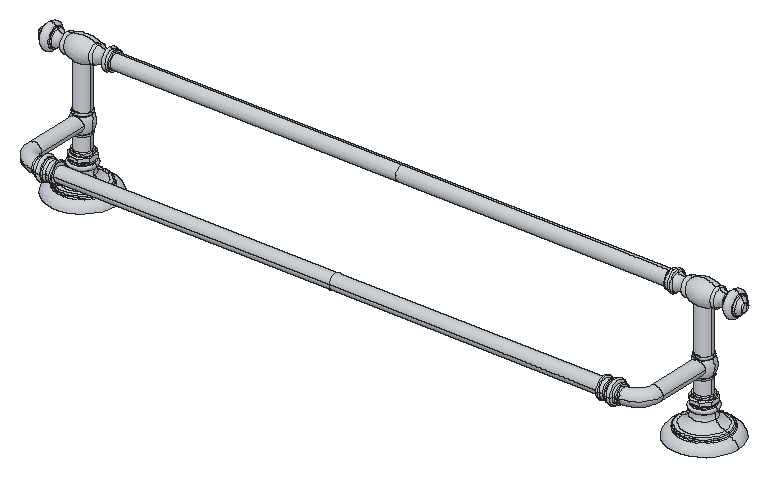
Revit family "Accessory-Towel_Bar-KOHLER-Artifacts-K-72570", category Specialty Equipment, host Face, Revit 2015
Parameters (values of type "CP-Polished Chrome")
  Width = 5"  # constant formula
  URL = "https://www.us.kohler.com/us/"
  Type = 1
  Product Page URL = "http://www.us.kohler.com/us/catalog/productDetails.jsp?productNumber=72570"
  Product Name = "Artifacts"  # constant formula
  Product Documentation Link = "http://www.us.kohler.com/onlinecatalog/pdf/K-72570_spec.pdf"
  Model = if(Type = 1, "K-72570-CP", if(Type = 2, "K-72570-SN", if(Type = 3, "K-72570-BN", if(Type = 4, "K-72570-BV", if(Type = 5, "K-72570-2BZ", if(Type = 6, "K-72570-VNT", "NA"))))))  # "K-72570-CP"
  Material = "Premium Metal Construction"  # constant formula
  MasterFormat 2004 = "10.28.13"  # constant formula
  MasterFormat 1995 = "10820"  # constant formula
  Manufacturer Address = "444 Highland Dr, Kohler, WI 53044"  # constant formula
  Manufacturer = "KOHLER Co."  # constant formula
  Length = 24"  # constant formula
  Height = 3"  # constant formula
  Finish = Kohler-Metal-CP-Polished_Chrome
  Environmental Product Declaration = ""
  Description = "24 inch double towel bar"  # constant formula
  Default Elevation = 42"
  Declare Label = ""
  Date Modified = "10/12/2018"  # constant formula
  Date Created = "10/12/2018"  # constant formula
  Copyright = "Copyright KOHLER Co."  # constant formula
  Contact Us = "https://www.us.kohler.com/us/static/contact.jsp"
  Assembly Code = "C1030200"
  ADA Compliant = 1 = 0  # no
Reference planes (in)
  plane 1 "Center (Front/Back)": y = 0
  plane 2: z = 0
  plane 3 "Center (Left/Right)": x = 0
  plane 4: x = 12
  plane 5: x = -12
  plane 6: z = 5
  plane 7: y = -3
Dimensions and locks (in)
  "Width": plane 6 to plane 2
  equal spacing: plane 5, plane 3 "Center (Left/Right)", plane 4
  "Length": plane 5 to plane 4
  "Height": plane 7 to plane 1 "Center (Front/Back)"
  aligned and locked: plane 2 to host face
  aligned and locked: level to host face
  aligned and locked: plane 4 to nested 1
  aligned and locked: plane 5 to nested 1
Automatic sketch dimensions
  host sketch curve to host sketch curve = 96"  (x2)
Nested families (in)
  nested 1: "K-72570" at (0, 0, 0), type "K-72570"
Definition of nested family "K-72570"
  Parameters (values of type "K-72570")
    Towel Length = 24"
    Material = none
  Reference planes (in)
    plane 1 "Center (Front/Back)": y = 0
    plane 2: z = 0
    plane 3 "Center (Left/Right)": x = 0
    plane 4 "C": y = -3
    plane 5 "X": z = 5
    plane 6: y = -1.3125
    plane 7: y = 1.3125
    plane 8 "D": z = 2.50031
    plane 9: x = -12
    plane 10: x = 12
    plane 11: x = -13.59801
    plane 12: x = 13.59801
    plane 13: x = -10.73039
    plane 14: x = 10.73039
    plane 15: x = -11.25
    plane 16: x = 11.25
    plane 17: x = -11.25
    plane 18: x = 11.25
  Forms (in)
    Revolve 1, solid, material <- "Material", detail levels medium+fine
      sketch origin (0, 0, 0) x (1, 0, 0) y (0, 0, 1)
        loop
          line (-12, 0) -> (-12, 5) -> (-12.30054, 5) -> (-12.30054, 2.91681)
          arc (-12.30054, 2.91681) -> (-12.30566, 2.90096) -> (-12.31907, 2.89107) r 0.02714
          arc (-12.31907, 2.89107) -> (-12.34405, 2.86549) -> (-12.33781, 2.83029) r 0.03913
          arc (-12.33781, 2.83029) -> (-12.33178, 2.81478) -> (-12.3349, 2.79843) r 0.03017
          arc (-12.3349, 2.79843) -> (-12.40673, 2.4976) -> (-12.33559, 2.1966) r 0.6691
          arc (-12.33559, 2.1966) -> (-12.33199, 2.17708) -> (-12.33942, 2.15867) r 0.03555
          arc (-12.33942, 2.15867) -> (-12.33958, 2.11846) -> (-12.30061, 2.10854) r 0.03268
          line (-12.30061, 2.10854) -> (-12.30061, 1.55443) -> (-12.34073, 1.55443)
          arc (-12.34073, 1.55443) -> (-12.36203, 1.5456) -> (-12.37086, 1.5243) r 0.03012
          line (-12.37086, 1.5243) -> (-12.37086, 1.45674)
          arc (-12.37086, 1.45674) -> (-12.3756, 1.44018) -> (-12.38841, 1.42865) r 0.03125
          line (-12.38841, 1.42865) -> (-12.5736, 1.33832) -> (-12.41469, 1.24658)
          arc (-12.41469, 1.24658) -> (-12.39939, 1.23456) -> (-12.39361, 1.216) r 0.03272
          line (-12.39361, 1.216) -> (-12.39361, 1.17497)
          arc (-12.39361, 1.17497) -> (-12.40764, 1.14419) -> (-12.44009, 1.13463) r 0.04071
          arc (-12.44009, 1.13463) -> (-12.50575, 1.09225) -> (-12.47301, 1.0213) r 0.0596
          arc (-12.47301, 1.0213) -> (-12.45981, 1.01189) -> (-12.45121, 0.99817) r 0.04163
          arc (-12.45121, 0.99817) -> (-12.42917, 0.87615) -> (-12.45284, 0.75444) r 0.33628
          arc (-12.45284, 0.75444) -> (-12.59186, 0.56442) -> (-12.80577, 0.46605) r 0.46836
          arc (-12.80577, 0.46605) -> (-12.86889, 0.45542) -> (-12.93222, 0.44609) r 3.12727
          arc (-12.93222, 0.44609) -> (-12.95534, 0.43362) -> (-12.96457, 0.40902) r 0.03742
          line (-12.96457, 0.40902) -> (-12.96457, 0.35603)
          arc (-12.96457, 0.35603) -> (-12.97435, 0.33036) -> (-12.99874, 0.31772) r 0.03856
          arc (-12.99874, 0.31772) -> (-13.2116, 0.21414) -> (-13.3125, 0) r 0.35612
          line (-13.3125, 0) -> (-12, 0)
        axis (-12, 0) -> (-12, 5)
      angle from 0 to 360
    Extrusion 2, void
      sketch origin (0, 0, 0) x (1, 0, 0) y (0, 1, 0)
        loop
          line (-12.18101, 0.43701) -> (-12.43701, 0.18101) -> (-12.43701, -0.18101) -> (-12.18101, -0.43701) -> (-11.81899, -0.43701) -> (-11.56299, -0.18101) -> (-11.56299, 0.18101) -> (-11.81899, 0.43701) -> (-12.18101, 0.43701)
        loop
          circle (-12, 0) r 0.64587
      from 1.17187 to 1.47756
    Revolve 3, solid, material <- "Material", detail levels medium+fine
      sketch origin (0, 0, 0) x (1, 0, 0) y (0, 0, 1)
        loop
          line (0.02086, 5) -> (13.59801, 5) -> (13.59801, 5.13455)
          arc (13.59801, 5.13455) -> (13.59114, 5.15289) -> (13.5739, 5.16219) r 0.02789
          arc (13.5739, 5.16219) -> (13.47592, 5.21065) -> (13.42691, 5.30836) r 0.17207
          arc (13.42691, 5.30836) -> (13.41392, 5.3304) -> (13.38918, 5.33692) r 0.03361
          arc (13.38918, 5.33692) -> (13.36469, 5.34283) -> (13.35055, 5.36367) r 0.03492
          arc (13.35055, 5.36367) -> (13.19896, 5.48245) -> (13.05089, 5.35932) r 0.15329
          arc (13.05089, 5.35932) -> (13.04141, 5.34355) -> (13.02408, 5.33736) r 0.02734
          line (13.02408, 5.33736) -> (12.99276, 5.33736)
          arc (12.99276, 5.33736) -> (12.97752, 5.3332) -> (12.96649, 5.32189) r 0.03003
          arc (12.96649, 5.32189) -> (12.7935, 5.21982) -> (12.62019, 5.32135) r 0.19816
          arc (12.62019, 5.32135) -> (12.55651, 5.35736) -> (12.49528, 5.31734) r 0.07034
          arc (12.49528, 5.31734) -> (11.99997, 5.46099) -> (11.50456, 5.31766) r 0.92678
          arc (11.50456, 5.31766) -> (11.45191, 5.35658) -> (11.39, 5.33527) r 0.07034
          arc (11.39, 5.33527) -> (11.19582, 5.24824) -> (10.99722, 5.32464) r 0.27696
          arc (10.99722, 5.32464) -> (10.98954, 5.35521) -> (10.9718, 5.38126) r 0.08996
          arc (10.9718, 5.38126) -> (10.91709, 5.39457) -> (10.88108, 5.35128) r 0.05318
          line (10.88108, 5.35128) -> (10.76001, 5.35128)
          arc (10.76001, 5.35128) -> (10.73907, 5.34261) -> (10.73039, 5.32166) r 0.02962
          line (10.73039, 5.32166) -> (10.73039, 5.2757) -> (0.31774, 5.2757) -> (-10.73039, 5.2757) -> (-10.73039, 5.32166)
          arc (-10.73039, 5.32166) -> (-10.73907, 5.34261) -> (-10.76001, 5.35128) r 0.02962
          line (-10.76001, 5.35128) -> (-10.88108, 5.35128)
          arc (-10.88108, 5.35128) -> (-10.91709, 5.39457) -> (-10.9718, 5.38126) r 0.05318
          arc (-10.9718, 5.38126) -> (-10.98954, 5.35521) -> (-10.99722, 5.32464) r 0.08996
          arc (-10.99722, 5.32464) -> (-11.19582, 5.24824) -> (-11.39, 5.33527) r 0.27696
          arc (-11.39, 5.33527) -> (-11.45191, 5.35658) -> (-11.50456, 5.31766) r 0.07034
          arc (-11.50456, 5.31766) -> (-11.99997, 5.46099) -> (-12.49528, 5.31734) r 0.92678
          arc (-12.49528, 5.31734) -> (-12.55651, 5.35736) -> (-12.62019, 5.32135) r 0.07034
          arc (-12.62019, 5.32135) -> (-12.7935, 5.21982) -> (-12.96649, 5.32189) r 0.19816
          arc (-12.96649, 5.32189) -> (-12.97752, 5.3332) -> (-12.99276, 5.33736) r 0.03003
          line (-12.99276, 5.33736) -> (-13.02444, 5.33736)
          arc (-13.02444, 5.33736) -> (-13.04151, 5.34347) -> (-13.05083, 5.35902) r 0.0269
          arc (-13.05083, 5.35902) -> (-13.19881, 5.48244) -> (-13.35055, 5.36367) r 0.15329
          arc (-13.35055, 5.36367) -> (-13.36469, 5.34283) -> (-13.38918, 5.33692) r 0.03492
          arc (-13.38918, 5.33692) -> (-13.41392, 5.3304) -> (-13.42691, 5.30836) r 0.03361
          arc (-13.42691, 5.30836) -> (-13.47592, 5.21065) -> (-13.5739, 5.16219) r 0.17207
          arc (-13.5739, 5.16219) -> (-13.59114, 5.15289) -> (-13.59801, 5.13455) r 0.02789
          line (-13.59801, 5.13455) -> (-13.59801, 5) -> (0.02086, 5)
        axis (-13.59801, 5) -> (13.59801, 5)
      angle from 0 to 360
    Revolve 4, solid, material <- "Material", detail levels medium+fine
      sketch origin (0, 0, 0) x (-1, 0, 0) y (0, 0, 1)
        loop
          line (-12, 0) -> (-12, 5) -> (-12.30054, 5) -> (-12.30054, 2.91681)
          arc (-12.30054, 2.91681) -> (-12.30566, 2.90096) -> (-12.31907, 2.89107) r 0.02714
          arc (-12.31907, 2.89107) -> (-12.34405, 2.86549) -> (-12.33781, 2.83029) r 0.03913
          arc (-12.33781, 2.83029) -> (-12.33178, 2.81478) -> (-12.3349, 2.79843) r 0.03017
          arc (-12.3349, 2.79843) -> (-12.40673, 2.4976) -> (-12.33559, 2.1966) r 0.6691
          arc (-12.33559, 2.1966) -> (-12.33199, 2.17708) -> (-12.33942, 2.15867) r 0.03555
          arc (-12.33942, 2.15867) -> (-12.33958, 2.11846) -> (-12.30061, 2.10854) r 0.03268
          line (-12.30061, 2.10854) -> (-12.30061, 1.55443) -> (-12.34073, 1.55443)
          arc (-12.34073, 1.55443) -> (-12.36203, 1.5456) -> (-12.37086, 1.5243) r 0.03012
          line (-12.37086, 1.5243) -> (-12.37086, 1.45674)
          arc (-12.37086, 1.45674) -> (-12.3756, 1.44018) -> (-12.38841, 1.42865) r 0.03125
          line (-12.38841, 1.42865) -> (-12.5736, 1.33832) -> (-12.41469, 1.24658)
          arc (-12.41469, 1.24658) -> (-12.39939, 1.23456) -> (-12.39361, 1.216) r 0.03272
          line (-12.39361, 1.216) -> (-12.39361, 1.17497)
          arc (-12.39361, 1.17497) -> (-12.40764, 1.14419) -> (-12.44009, 1.13463) r 0.04071
          arc (-12.44009, 1.13463) -> (-12.50575, 1.09225) -> (-12.47301, 1.0213) r 0.0596
          arc (-12.47301, 1.0213) -> (-12.45981, 1.01189) -> (-12.45121, 0.99817) r 0.04163
          arc (-12.45121, 0.99817) -> (-12.42917, 0.87615) -> (-12.45284, 0.75444) r 0.33628
          arc (-12.45284, 0.75444) -> (-12.59186, 0.56442) -> (-12.80577, 0.46605) r 0.46836
          arc (-12.80577, 0.46605) -> (-12.86889, 0.45542) -> (-12.93222, 0.44609) r 3.12727
          arc (-12.93222, 0.44609) -> (-12.95534, 0.43362) -> (-12.96457, 0.40902) r 0.03742
          line (-12.96457, 0.40902) -> (-12.96457, 0.35603)
          arc (-12.96457, 0.35603) -> (-12.97435, 0.33036) -> (-12.99874, 0.31772) r 0.03856
          arc (-12.99874, 0.31772) -> (-13.2116, 0.21414) -> (-13.3125, 0) r 0.35612
          line (-13.3125, 0) -> (-12, 0)
        axis (-12, 0) -> (-12, 5)
      angle from 0 to 360
    Extrusion 5, void
      sketch origin (0, 0, 0) x (-1, 0, 0) y (0, -1, 0)
        loop
          line (-12.18101, -0.43701) -> (-11.81899, -0.43701) -> (-11.56299, -0.18101) -> (-11.56299, 0.18101) -> (-11.81899, 0.43701) -> (-12.18101, 0.43701) -> (-12.43701, 0.18101) -> (-12.43701, -0.18101) -> (-12.18101, -0.43701)
        loop
          circle (-12, 0) r 0.64587
      from 1.17187 to 1.47756
    Revolve 6, solid, material <- "Material", detail levels medium+fine
      sketch origin (0, 0, 2.50031) x (-1, 0, 0) y (0, -1, 0)
        loop
          line (11.25, 3) -> (-11.25, 3) -> (-11.25, 2.68987)
          arc (-11.25, 2.68987) -> (-11.24131, 2.66889) -> (-11.22033, 2.6602) r 0.02967
          line (-11.22033, 2.6602) -> (-11.10199, 2.6602)
          arc (-11.10199, 2.6602) -> (-11.09625, 2.62222) -> (-11.07955, 2.58762) r 0.1286
          arc (-11.07955, 2.58762) -> (-11.01405, 2.5564) -> (-10.9545, 2.59785) r 0.07221
          line (-10.9545, 2.59785) -> (-10.89809, 2.59785)
          arc (-10.89809, 2.59785) -> (-10.88271, 2.60116) -> (-10.87006, 2.6105) r 0.03737
          arc (-10.87006, 2.6105) -> (-10.82367, 2.64633) -> (-10.76727, 2.66232) r 0.1547
          arc (-10.76727, 2.66232) -> (-10.6876, 2.66268) -> (-10.60892, 2.65012) r 0.49036
          arc (-10.60892, 2.65012) -> (-10.60092, 2.63306) -> (-10.59108, 2.61699) r 0.17145
          arc (-10.59108, 2.61699) -> (-10.55962, 2.60129) -> (-10.52955, 2.61953) r 0.0364
          arc (-10.52955, 2.61953) -> (-10.52276, 2.63521) -> (-10.51964, 2.65202) r 0.07601
          line (-10.51964, 2.65202) -> (-10.51964, 2.72432) -> (-0.15272, 2.72432) -> (10.51964, 2.72432) -> (10.51964, 2.65202)
          arc (10.51964, 2.65202) -> (10.52276, 2.63521) -> (10.52955, 2.61953) r 0.07601
          arc (10.52955, 2.61953) -> (10.55962, 2.60129) -> (10.59108, 2.61699) r 0.0364
          arc (10.59108, 2.61699) -> (10.60092, 2.63306) -> (10.60892, 2.65012) r 0.17145
          arc (10.60892, 2.65012) -> (10.6876, 2.66268) -> (10.76727, 2.66232) r 0.49036
          arc (10.76727, 2.66232) -> (10.82367, 2.64633) -> (10.87006, 2.6105) r 0.1547
          arc (10.87006, 2.6105) -> (10.88271, 2.60116) -> (10.89809, 2.59785) r 0.03737
          line (10.89809, 2.59785) -> (10.9545, 2.59785)
          arc (10.9545, 2.59785) -> (11.01405, 2.5564) -> (11.07955, 2.58762) r 0.07221
          arc (11.07955, 2.58762) -> (11.09625, 2.62222) -> (11.10199, 2.6602) r 0.1286
          line (11.10199, 2.6602) -> (11.22033, 2.6602)
          arc (11.22033, 2.6602) -> (11.24131, 2.66889) -> (11.25, 2.68987) r 0.02967
          line (11.25, 2.68987) -> (11.25, 3)
        axis (11.25, 3) -> (-11.25, 3)
      angle from 0 to 360
    Sweep 7, solid, material <- "Material", detail levels medium+fine
      path origin (0, 0, 2.50031) x (-1, 0, 0) y (0, -1, 0)
        loop
          line (11.25, 3) -> (11.34061, 3)
          arc (11.34061, 3) -> (11.80687, 2.80687) -> (12, 2.34061) r 0.65939
          line (12, 2.34061) -> (12, 0)
      profile origin (-11.2953, -3, 2.50031) x (0, -1, 0) y (0, 0, 1)
        loop
          circle (0, 0) r 0.27734
    Sweep 8, solid, material <- "Material", detail levels medium+fine
      path origin (0, 0, 2.50031) x (1, 0, 0) y (0, -1, 0)
        loop
          line (11.25, 3) -> (11.34061, 3)
          arc (11.34061, 3) -> (11.80687, 2.80687) -> (12, 2.34061) r 0.65939
          line (12, 2.34061) -> (12, 0)
      profile origin (11.2953, -3, 2.50031) x (0, 1, 0) y (0, 0, 1)
        loop
          circle (0, 0) r 0.27734
    Revolve 9, solid, material <- "Material", detail levels coarse
      sketch origin (0, 0, 0) x (1, 0, 0) y (0, 0, 1)
        loop
          line (-12, 0) -> (-12, 5) -> (-12.30054, 5) -> (-12.30054, 3.11449) -> (-13.3125, 0) -> (-12, 0)
        axis (-12, 0) -> (-12, 5)
      angle from 0 to 360
    Revolve 10, solid, material <- "Material", detail levels coarse
      sketch origin (0, 0, 0) x (-1, 0, 0) y (0, 0, 1)
        loop
          line (-12, 0) -> (-12, 5) -> (-12.30054, 5) -> (-12.30054, 3.11449) -> (-13.3125, 0) -> (-12, 0)
        axis (-12, 0) -> (-12, 5)
      angle from 0 to 360
    Extrusion 11, solid, material <- "Material", detail levels coarse
      sketch origin (0, 0, 2.50031) x (-1, 0, 0) y (0, -1, 0)
        loop
          line (13.59801, -0.48116) -> (13.59801, 0.48116) -> (0, 0.48116) -> (-13.59801, 0.48116) -> (-13.59801, -0.48116) -> (13.59801, -0.48116)
      from 1.9856 to 3.0268
    Extrusion 12, solid, material <- "Material", detail levels coarse
      sketch origin (0, 0, 2.50031) x (-1, 0, 0) y (0, -1, 0)
        loop
          line (12.29657, 0) -> (12.29657, 3.4436) -> (-12.29657, 3.4436) -> (-12.29657, 0) -> (-11.69418, 0) -> (-11.69418, 2.5564) -> (11.69511, 2.5564) -> (11.69511, 0) -> (12.29657, 0)
      from -0.48082 to 0.48169
  Cuts and joins
    Extrusion 2, Extrusion 5 cuts Revolve 1
    Extrusion 5 cuts Revolve 4
    joined: Revolve 1, Revolve 3, Revolve 4, Revolve 6, Sweep 7, Sweep 8
    joined: Revolve 9, Revolve 10, Extrusion 11, Extrusion 12
  Lines and regions (in)
    Masking region 1
      outline origin (0, 0, 0) x (1, 0, 0) y (0, 0, 1)
        loop
          line (-12, 0) -> (-10.6875, 0)
          arc (-10.6875, 0) -> (-10.7884, 0.21414) -> (-11.00126, 0.31772) r 0.35612
          arc (-11.00126, 0.31772) -> (-11.02565, 0.33036) -> (-11.03543, 0.35603) r 0.03856
          line (-11.03543, 0.35603) -> (-11.03543, 0.40902)
          arc (-11.03543, 0.40902) -> (-11.04466, 0.43362) -> (-11.06778, 0.44609) r 0.03742
          arc (-11.06778, 0.44609) -> (-11.13111, 0.45542) -> (-11.19423, 0.46605) r 3.12727
          arc (-11.19423, 0.46605) -> (-11.40814, 0.56442) -> (-11.54716, 0.75444) r 0.46836
          arc (-11.54716, 0.75444) -> (-11.57083, 0.87615) -> (-11.54879, 0.99817) r 0.33628
          arc (-11.54879, 0.99817) -> (-11.54019, 1.01189) -> (-11.52699, 1.0213) r 0.04163
          arc (-11.52699, 1.0213) -> (-11.49425, 1.09225) -> (-11.55991, 1.13463) r 0.0596
          arc (-11.55991, 1.13463) -> (-11.59236, 1.14419) -> (-11.60639, 1.17497) r 0.04071
          line (-11.60639, 1.17497) -> (-11.60639, 1.21607) -> (-11.56299, 1.25946) -> (-11.56299, 1.40495) -> (-11.61159, 1.42865)
          arc (-11.61159, 1.42865) -> (-11.6244, 1.44018) -> (-11.62914, 1.45674) r 0.03125
          line (-11.62914, 1.45674) -> (-11.62914, 1.5243)
          arc (-11.62914, 1.5243) -> (-11.63797, 1.5456) -> (-11.65927, 1.55443) r 0.03012
          line (-11.65927, 1.55443) -> (-11.69939, 1.55443) -> (-11.69939, 2.10854)
          arc (-11.69939, 2.10854) -> (-11.66042, 2.11846) -> (-11.66058, 2.15867) r 0.03268
          arc (-11.66058, 2.15867) -> (-11.66801, 2.17708) -> (-11.66441, 2.1966) r 0.03555
          arc (-11.66441, 2.1966) -> (-11.65677, 2.21018) -> (-11.64787, 2.22297) r 0.16458
          line (-11.64787, 2.22297) -> (-11.25, 2.22297) -> (-11.25, 2.19019)
          arc (-11.25, 2.19019) -> (-11.24131, 2.16921) -> (-11.22033, 2.16052) r 0.02967
          line (-11.22033, 2.16052) -> (-11.10199, 2.16052)
          arc (-11.10199, 2.16052) -> (-11.09625, 2.12253) -> (-11.07955, 2.08793) r 0.1286
          arc (-11.07955, 2.08793) -> (-11.01405, 2.05672) -> (-10.9545, 2.09817) r 0.07221
          line (-10.9545, 2.09817) -> (-10.89809, 2.09817)
          arc (-10.89809, 2.09817) -> (-10.88271, 2.10148) -> (-10.87006, 2.11082) r 0.03737
          arc (-10.87006, 2.11082) -> (-10.82367, 2.14665) -> (-10.76727, 2.16264) r 0.1547
          arc (-10.76727, 2.16264) -> (-10.6876, 2.16299) -> (-10.60892, 2.15043) r 0.49036
          arc (-10.60892, 2.15043) -> (-10.60092, 2.13338) -> (-10.59108, 2.1173) r 0.17145
          arc (-10.59108, 2.1173) -> (-10.55962, 2.1016) -> (-10.52955, 2.11984) r 0.0364
          arc (-10.52955, 2.11984) -> (-10.52276, 2.13553) -> (-10.51964, 2.15234) r 0.07601
          line (-10.51964, 2.15234) -> (-10.51964, 2.22464) -> (0.15272, 2.22464) -> (10.51964, 2.22464) -> (10.51964, 2.15234)
          arc (10.51964, 2.15234) -> (10.52276, 2.13553) -> (10.52955, 2.11984) r 0.07601
          arc (10.52955, 2.11984) -> (10.55962, 2.1016) -> (10.59108, 2.1173) r 0.0364
          arc (10.59108, 2.1173) -> (10.60092, 2.13338) -> (10.60892, 2.15043) r 0.17145
          arc (10.60892, 2.15043) -> (10.6876, 2.16299) -> (10.76727, 2.16264) r 0.49036
          arc (10.76727, 2.16264) -> (10.82367, 2.14665) -> (10.87006, 2.11082) r 0.1547
          arc (10.87006, 2.11082) -> (10.88271, 2.10148) -> (10.89809, 2.09817) r 0.03737
          line (10.89809, 2.09817) -> (10.9545, 2.09817)
          arc (10.9545, 2.09817) -> (11.01405, 2.05672) -> (11.07955, 2.08793) r 0.07221
          arc (11.07955, 2.08793) -> (11.09625, 2.12253) -> (11.10199, 2.16052) r 0.1286
          line (11.10199, 2.16052) -> (11.22033, 2.16052)
          arc (11.22033, 2.16052) -> (11.24131, 2.16921) -> (11.25, 2.19019) r 0.02967
          line (11.25, 2.19019) -> (11.25, 2.22297) -> (11.64787, 2.22297)
          arc (11.64787, 2.22297) -> (11.65677, 2.21018) -> (11.66441, 2.1966) r 0.16458
          arc (11.66441, 2.1966) -> (11.66801, 2.17708) -> (11.66058, 2.15867) r 0.03555
          arc (11.66058, 2.15867) -> (11.66042, 2.11846) -> (11.69939, 2.10854) r 0.03268
          line (11.69939, 2.10854) -> (11.69939, 1.55443) -> (11.65927, 1.55443)
          arc (11.65927, 1.55443) -> (11.63797, 1.5456) -> (11.62914, 1.5243) r 0.03012
          line (11.62914, 1.5243) -> (11.62914, 1.45674)
          arc (11.62914, 1.45674) -> (11.6244, 1.44018) -> (11.61159, 1.42865) r 0.03125
          line (11.61159, 1.42865) -> (11.56299, 1.40495) -> (11.56299, 1.25946) -> (11.60639, 1.21607) -> (11.60639, 1.17497)
          arc (11.60639, 1.17497) -> (11.59236, 1.14419) -> (11.55991, 1.13463) r 0.04071
          arc (11.55991, 1.13463) -> (11.49425, 1.09225) -> (11.52699, 1.0213) r 0.0596
          arc (11.52699, 1.0213) -> (11.54019, 1.01189) -> (11.54879, 0.99817) r 0.04163
          arc (11.54879, 0.99817) -> (11.57083, 0.87615) -> (11.54716, 0.75444) r 0.33628
          arc (11.54716, 0.75444) -> (11.40814, 0.56442) -> (11.19423, 0.46605) r 0.46836
          arc (11.19423, 0.46605) -> (11.13111, 0.45542) -> (11.06778, 0.44609) r 3.12727
          arc (11.06778, 0.44609) -> (11.04466, 0.43362) -> (11.03543, 0.40902) r 0.03742
          line (11.03543, 0.40902) -> (11.03543, 0.35603)
          arc (11.03543, 0.35603) -> (11.02565, 0.33036) -> (11.00126, 0.31772) r 0.03856
          arc (11.00126, 0.31772) -> (10.7884, 0.21414) -> (10.6875, 0) r 0.35612
          line (10.6875, 0) -> (12, 0) -> (13.3125, 0)
          arc (13.3125, 0) -> (13.2116, 0.21414) -> (12.99874, 0.31772) r 0.35612
          arc (12.99874, 0.31772) -> (12.97435, 0.33036) -> (12.96457, 0.35603) r 0.03856
          line (12.96457, 0.35603) -> (12.96457, 0.40902)
          arc (12.96457, 0.40902) -> (12.95534, 0.43362) -> (12.93222, 0.44609) r 0.03742
          arc (12.93222, 0.44609) -> (12.86889, 0.45542) -> (12.80577, 0.46605) r 3.12727
          arc (12.80577, 0.46605) -> (12.59186, 0.56442) -> (12.45284, 0.75444) r 0.46836
          arc (12.45284, 0.75444) -> (12.42917, 0.87615) -> (12.45121, 0.99817) r 0.33628
          arc (12.45121, 0.99817) -> (12.45981, 1.01189) -> (12.47301, 1.0213) r 0.04163
          arc (12.47301, 1.0213) -> (12.50575, 1.09225) -> (12.44009, 1.13463) r 0.0596
          arc (12.44009, 1.13463) -> (12.40764, 1.14419) -> (12.39361, 1.17497) r 0.04071
          line (12.39361, 1.17497) -> (12.39361, 1.21607) -> (12.43701, 1.25946) -> (12.43701, 1.40495) -> (12.38841, 1.42865)
          arc (12.38841, 1.42865) -> (12.3756, 1.44018) -> (12.37086, 1.45674) r 0.03125
          line (12.37086, 1.45674) -> (12.37086, 1.5243)
          arc (12.37086, 1.5243) -> (12.36203, 1.5456) -> (12.34073, 1.55443) r 0.03012
          line (12.34073, 1.55443) -> (12.30061, 1.55443) -> (12.30061, 2.10854)
          arc (12.30061, 2.10854) -> (12.33958, 2.11846) -> (12.33942, 2.15867) r 0.03268
          arc (12.33942, 2.15867) -> (12.33199, 2.17708) -> (12.33559, 2.1966) r 0.03555
          arc (12.33559, 2.1966) -> (12.40673, 2.4976) -> (12.3349, 2.79843) r 0.6691
          arc (12.3349, 2.79843) -> (12.33178, 2.81478) -> (12.33781, 2.83029) r 0.03017
          arc (12.33781, 2.83029) -> (12.34405, 2.86549) -> (12.31907, 2.89107) r 0.03913
          arc (12.31907, 2.89107) -> (12.30566, 2.90096) -> (12.30054, 2.91681) r 0.02714
          line (12.30054, 2.91681) -> (12.30054, 4.58921)
          arc (12.30054, 4.58921) -> (12.40064, 4.63024) -> (12.49528, 4.68266) r 0.92678
          arc (12.49528, 4.68266) -> (12.55651, 4.64264) -> (12.62019, 4.67865) r 0.07034
          arc (12.62019, 4.67865) -> (12.7935, 4.78018) -> (12.96649, 4.67811) r 0.19816
          arc (12.96649, 4.67811) -> (12.97752, 4.6668) -> (12.99276, 4.66264) r 0.03003
          line (12.99276, 4.66264) -> (13.02408, 4.66264)
          arc (13.02408, 4.66264) -> (13.04141, 4.65645) -> (13.05089, 4.64068) r 0.02734
          arc (13.05089, 4.64068) -> (13.19896, 4.51755) -> (13.35055, 4.63633) r 0.15329
          arc (13.35055, 4.63633) -> (13.36469, 4.65717) -> (13.38918, 4.66308) r 0.03492
          arc (13.38918, 4.66308) -> (13.41392, 4.6696) -> (13.42691, 4.69164) r 0.03361
          arc (13.42691, 4.69164) -> (13.47592, 4.78935) -> (13.5739, 4.83781) r 0.17207
          arc (13.5739, 4.83781) -> (13.59114, 4.84711) -> (13.59801, 4.86545) r 0.02789
          line (13.59801, 4.86545) -> (13.59801, 5) -> (13.59801, 5.13455)
          arc (13.59801, 5.13455) -> (13.59114, 5.15289) -> (13.5739, 5.16219) r 0.02789
          arc (13.5739, 5.16219) -> (13.47592, 5.21065) -> (13.42691, 5.30836) r 0.17207
          arc (13.42691, 5.30836) -> (13.41392, 5.3304) -> (13.38918, 5.33692) r 0.03361
          arc (13.38918, 5.33692) -> (13.36469, 5.34283) -> (13.35055, 5.36367) r 0.03492
          arc (13.35055, 5.36367) -> (13.19896, 5.48245) -> (13.05089, 5.35932) r 0.15329
          arc (13.05089, 5.35932) -> (13.04141, 5.34355) -> (13.02408, 5.33736) r 0.02734
          line (13.02408, 5.33736) -> (12.99276, 5.33736)
          arc (12.99276, 5.33736) -> (12.97752, 5.3332) -> (12.96649, 5.32189) r 0.03003
          arc (12.96649, 5.32189) -> (12.7935, 5.21982) -> (12.62019, 5.32135) r 0.19816
          arc (12.62019, 5.32135) -> (12.55651, 5.35736) -> (12.49528, 5.31734) r 0.07034
          arc (12.49528, 5.31734) -> (11.99997, 5.46099) -> (11.50456, 5.31766) r 0.92678
          arc (11.50456, 5.31766) -> (11.45191, 5.35658) -> (11.39, 5.33527) r 0.07034
          arc (11.39, 5.33527) -> (11.19582, 5.24824) -> (10.99722, 5.32464) r 0.27696
          arc (10.99722, 5.32464) -> (10.98954, 5.35521) -> (10.9718, 5.38126) r 0.08996
          arc (10.9718, 5.38126) -> (10.91709, 5.39457) -> (10.88108, 5.35128) r 0.05318
          line (10.88108, 5.35128) -> (10.76001, 5.35128)
          arc (10.76001, 5.35128) -> (10.73907, 5.34261) -> (10.73039, 5.32166) r 0.02962
          line (10.73039, 5.32166) -> (10.73039, 5.2757) -> (0.31774, 5.2757) -> (-10.73039, 5.2757) -> (-10.73039, 5.32166)
          arc (-10.73039, 5.32166) -> (-10.73907, 5.34261) -> (-10.76001, 5.35128) r 0.02962
          line (-10.76001, 5.35128) -> (-10.88108, 5.35128)
          arc (-10.88108, 5.35128) -> (-10.91709, 5.39457) -> (-10.9718, 5.38126) r 0.05318
          arc (-10.9718, 5.38126) -> (-10.98954, 5.35521) -> (-10.99722, 5.32464) r 0.08996
          arc (-10.99722, 5.32464) -> (-11.19582, 5.24824) -> (-11.39, 5.33527) r 0.27696
          arc (-11.39, 5.33527) -> (-11.45191, 5.35658) -> (-11.50456, 5.31766) r 0.07034
          arc (-11.50456, 5.31766) -> (-11.99997, 5.46099) -> (-12.49528, 5.31734) r 0.92678
          arc (-12.49528, 5.31734) -> (-12.55651, 5.35736) -> (-12.62019, 5.32135) r 0.07034
          arc (-12.62019, 5.32135) -> (-12.7935, 5.21982) -> (-12.96649, 5.32189) r 0.19816
          arc (-12.96649, 5.32189) -> (-12.97752, 5.3332) -> (-12.99276, 5.33736) r 0.03003
          line (-12.99276, 5.33736) -> (-13.02444, 5.33736)
          arc (-13.02444, 5.33736) -> (-13.04151, 5.34347) -> (-13.05083, 5.35902) r 0.0269
          arc (-13.05083, 5.35902) -> (-13.19881, 5.48244) -> (-13.35055, 5.36367) r 0.15329
          arc (-13.35055, 5.36367) -> (-13.36469, 5.34283) -> (-13.38918, 5.33692) r 0.03492
          arc (-13.38918, 5.33692) -> (-13.41392, 5.3304) -> (-13.42691, 5.30836) r 0.03361
          arc (-13.42691, 5.30836) -> (-13.47592, 5.21065) -> (-13.5739, 5.16219) r 0.17207
          arc (-13.5739, 5.16219) -> (-13.59114, 5.15289) -> (-13.59801, 5.13455) r 0.02789
          line (-13.59801, 5.13455) -> (-13.59801, 5) -> (-13.59801, 4.86545)
          arc (-13.59801, 4.86545) -> (-13.59114, 4.84711) -> (-13.5739, 4.83781) r 0.02789
          arc (-13.5739, 4.83781) -> (-13.47592, 4.78935) -> (-13.42691, 4.69164) r 0.17207
          arc (-13.42691, 4.69164) -> (-13.41392, 4.6696) -> (-13.38918, 4.66308) r 0.03361
          arc (-13.38918, 4.66308) -> (-13.36469, 4.65717) -> (-13.35055, 4.63633) r 0.03492
          arc (-13.35055, 4.63633) -> (-13.19881, 4.51756) -> (-13.05083, 4.64098) r 0.15329
          arc (-13.05083, 4.64098) -> (-13.04151, 4.65653) -> (-13.02444, 4.66264) r 0.0269
          line (-13.02444, 4.66264) -> (-12.99276, 4.66264)
          arc (-12.99276, 4.66264) -> (-12.97752, 4.6668) -> (-12.96649, 4.67811) r 0.03003
          arc (-12.96649, 4.67811) -> (-12.7935, 4.78018) -> (-12.62019, 4.67865) r 0.19816
          arc (-12.62019, 4.67865) -> (-12.55651, 4.64264) -> (-12.49528, 4.68266) r 0.07034
          arc (-12.49528, 4.68266) -> (-12.40064, 4.63024) -> (-12.30054, 4.58921) r 0.92678
          line (-12.30054, 4.58921) -> (-12.30054, 2.91681)
          arc (-12.30054, 2.91681) -> (-12.30566, 2.90096) -> (-12.31907, 2.89107) r 0.02714
          arc (-12.31907, 2.89107) -> (-12.34405, 2.86549) -> (-12.33781, 2.83029) r 0.03913
          arc (-12.33781, 2.83029) -> (-12.33178, 2.81478) -> (-12.3349, 2.79843) r 0.03017
          arc (-12.3349, 2.79843) -> (-12.40673, 2.4976) -> (-12.33559, 2.1966) r 0.6691
          arc (-12.33559, 2.1966) -> (-12.33199, 2.17708) -> (-12.33942, 2.15867) r 0.03555
          arc (-12.33942, 2.15867) -> (-12.33958, 2.11846) -> (-12.30061, 2.10854) r 0.03268
          line (-12.30061, 2.10854) -> (-12.30061, 1.55443) -> (-12.34073, 1.55443)
          arc (-12.34073, 1.55443) -> (-12.36203, 1.5456) -> (-12.37086, 1.5243) r 0.03012
          line (-12.37086, 1.5243) -> (-12.37086, 1.45674)
          arc (-12.37086, 1.45674) -> (-12.3756, 1.44018) -> (-12.38841, 1.42865) r 0.03125
          line (-12.38841, 1.42865) -> (-12.43701, 1.40495) -> (-12.43701, 1.25946) -> (-12.39361, 1.21607) -> (-12.39361, 1.17497)
          arc (-12.39361, 1.17497) -> (-12.40764, 1.14419) -> (-12.44009, 1.13463) r 0.04071
          arc (-12.44009, 1.13463) -> (-12.50575, 1.09225) -> (-12.47301, 1.0213) r 0.0596
          arc (-12.47301, 1.0213) -> (-12.45981, 1.01189) -> (-12.45121, 0.99817) r 0.04163
          arc (-12.45121, 0.99817) -> (-12.42917, 0.87615) -> (-12.45284, 0.75444) r 0.33628
          arc (-12.45284, 0.75444) -> (-12.59186, 0.56442) -> (-12.80577, 0.46605) r 0.46836
          arc (-12.80577, 0.46605) -> (-12.86889, 0.45542) -> (-12.93222, 0.44609) r 3.12727
          arc (-12.93222, 0.44609) -> (-12.95534, 0.43362) -> (-12.96457, 0.40902) r 0.03742
          line (-12.96457, 0.40902) -> (-12.96457, 0.35603)
          arc (-12.96457, 0.35603) -> (-12.97435, 0.33036) -> (-12.99874, 0.31772) r 0.03856
          arc (-12.99874, 0.31772) -> (-13.2116, 0.21414) -> (-13.3125, 0) r 0.35612
          line (-13.3125, 0) -> (-12, 0)
        loop
          arc (-11.6651, 2.79843) -> (-11.65559, 2.78593) -> (-11.64223, 2.77766) r 0.04319
          line (-11.64223, 2.77766) -> (-11.25, 2.77766) -> (-11.25, 2.81044)
          arc (-11.25, 2.81044) -> (-11.24131, 2.83142) -> (-11.22033, 2.84011) r 0.02967
          line (-11.22033, 2.84011) -> (-11.10199, 2.84011)
          arc (-11.10199, 2.84011) -> (-11.09625, 2.8781) -> (-11.07955, 2.9127) r 0.1286
          arc (-11.07955, 2.9127) -> (-11.01405, 2.94391) -> (-10.9545, 2.90246) r 0.07221
          line (-10.9545, 2.90246) -> (-10.89809, 2.90246)
          arc (-10.89809, 2.90246) -> (-10.88271, 2.89915) -> (-10.87006, 2.88981) r 0.03737
          arc (-10.87006, 2.88981) -> (-10.82367, 2.85398) -> (-10.76727, 2.83799) r 0.1547
          arc (-10.76727, 2.83799) -> (-10.6876, 2.83764) -> (-10.60892, 2.8502) r 0.49036
          arc (-10.60892, 2.8502) -> (-10.60092, 2.86725) -> (-10.59108, 2.88333) r 0.17145
          arc (-10.59108, 2.88333) -> (-10.55962, 2.89903) -> (-10.52955, 2.88079) r 0.0364
          arc (-10.52955, 2.88079) -> (-10.52276, 2.8651) -> (-10.51964, 2.84829) r 0.07601
          line (-10.51964, 2.84829) -> (-10.51964, 2.77599) -> (0.15272, 2.77599) -> (10.51964, 2.77599) -> (10.51964, 2.84829)
          arc (10.51964, 2.84829) -> (10.52276, 2.8651) -> (10.52955, 2.88079) r 0.07601
          arc (10.52955, 2.88079) -> (10.55962, 2.89903) -> (10.59108, 2.88333) r 0.0364
          arc (10.59108, 2.88333) -> (10.60092, 2.86725) -> (10.60892, 2.8502) r 0.17145
          arc (10.60892, 2.8502) -> (10.6876, 2.83764) -> (10.76727, 2.83799) r 0.49036
          arc (10.76727, 2.83799) -> (10.82367, 2.85398) -> (10.87006, 2.88981) r 0.1547
          arc (10.87006, 2.88981) -> (10.88271, 2.89915) -> (10.89809, 2.90246) r 0.03737
          line (10.89809, 2.90246) -> (10.9545, 2.90246)
          arc (10.9545, 2.90246) -> (11.01405, 2.94391) -> (11.07955, 2.9127) r 0.07221
          arc (11.07955, 2.9127) -> (11.09625, 2.8781) -> (11.10199, 2.84011) r 0.1286
          line (11.10199, 2.84011) -> (11.22033, 2.84011)
          arc (11.22033, 2.84011) -> (11.24131, 2.83142) -> (11.25, 2.81044) r 0.02967
          line (11.25, 2.81044) -> (11.25, 2.77766) -> (11.64223, 2.77766)
          arc (11.64223, 2.77766) -> (11.65559, 2.78593) -> (11.6651, 2.79843) r 0.04319
          arc (11.6651, 2.79843) -> (11.66822, 2.81478) -> (11.66219, 2.83029) r 0.03017
          arc (11.66219, 2.83029) -> (11.65595, 2.86549) -> (11.68093, 2.89107) r 0.03913
          arc (11.68093, 2.89107) -> (11.69434, 2.90096) -> (11.69946, 2.91681) r 0.02714
          line (11.69946, 2.91681) -> (11.69946, 4.58898)
          arc (11.69946, 4.58898) -> (11.59928, 4.62996) -> (11.50456, 4.68234) r 0.92678
          arc (11.50456, 4.68234) -> (11.45191, 4.64342) -> (11.39, 4.66473) r 0.07034
          arc (11.39, 4.66473) -> (11.19582, 4.75176) -> (10.99722, 4.67536) r 0.27696
          arc (10.99722, 4.67536) -> (10.98954, 4.64479) -> (10.9718, 4.61874) r 0.08996
          arc (10.9718, 4.61874) -> (10.91709, 4.60543) -> (10.88108, 4.64872) r 0.05318
          line (10.88108, 4.64872) -> (10.76001, 4.64872)
          arc (10.76001, 4.64872) -> (10.73907, 4.65739) -> (10.73039, 4.67834) r 0.02962
          line (10.73039, 4.67834) -> (10.73039, 4.7243) -> (0.31774, 4.7243) -> (-10.73039, 4.7243) -> (-10.73039, 4.67834)
          arc (-10.73039, 4.67834) -> (-10.73907, 4.65739) -> (-10.76001, 4.64872) r 0.02962
          line (-10.76001, 4.64872) -> (-10.88108, 4.64872)
          arc (-10.88108, 4.64872) -> (-10.91709, 4.60543) -> (-10.9718, 4.61874) r 0.05318
          arc (-10.9718, 4.61874) -> (-10.98954, 4.64479) -> (-10.99722, 4.67536) r 0.08996
          arc (-10.99722, 4.67536) -> (-11.19582, 4.75176) -> (-11.39, 4.66473) r 0.27696
          arc (-11.39, 4.66473) -> (-11.45191, 4.64342) -> (-11.50456, 4.68234) r 0.07034
          arc (-11.50456, 4.68234) -> (-11.59928, 4.62996) -> (-11.69946, 4.58898) r 0.92678
          line (-11.69946, 4.58898) -> (-11.69946, 2.91681)
          arc (-11.69946, 2.91681) -> (-11.69434, 2.90096) -> (-11.68093, 2.89107) r 0.02714
          arc (-11.68093, 2.89107) -> (-11.65595, 2.86549) -> (-11.66219, 2.83029) r 0.03913
          arc (-11.66219, 2.83029) -> (-11.66822, 2.81478) -> (-11.6651, 2.79843) r 0.03017
    Masking region 2
      outline origin (0, 0, 0) x (0, 1, 0) y (0, 0, 1)
        loop
          line (0, 0) -> (1.3125, 0)
          arc (1.3125, 0) -> (1.2116, 0.21414) -> (0.99874, 0.31772) r 0.35612
          arc (0.99874, 0.31772) -> (0.97435, 0.33036) -> (0.96457, 0.35603) r 0.03856
          line (0.96457, 0.35603) -> (0.96457, 0.40902)
          arc (0.96457, 0.40902) -> (0.95534, 0.43362) -> (0.93222, 0.44609) r 0.03742
          arc (0.93222, 0.44609) -> (0.86889, 0.45542) -> (0.80577, 0.46605) r 3.12727
          arc (0.80577, 0.46605) -> (0.59186, 0.56442) -> (0.45284, 0.75444) r 0.46836
          arc (0.45284, 0.75444) -> (0.42917, 0.87615) -> (0.45121, 0.99817) r 0.33628
          arc (0.45121, 0.99817) -> (0.45981, 1.01189) -> (0.47301, 1.0213) r 0.04163
          arc (0.47301, 1.0213) -> (0.50575, 1.09225) -> (0.44009, 1.13463) r 0.0596
          arc (0.44009, 1.13463) -> (0.40764, 1.14419) -> (0.39361, 1.17497) r 0.04071
          line (0.39361, 1.17497) -> (0.39361, 1.21607) -> (0.43701, 1.25946) -> (0.43701, 1.40495) -> (0.38841, 1.42865)
          arc (0.38841, 1.42865) -> (0.3756, 1.44018) -> (0.37086, 1.45674) r 0.03125
          line (0.37086, 1.45674) -> (0.37086, 1.5243)
          arc (0.37086, 1.5243) -> (0.36203, 1.5456) -> (0.34073, 1.55443) r 0.03012
          line (0.34073, 1.55443) -> (0.30061, 1.55443) -> (0.30061, 2.10854)
          arc (0.30061, 2.10854) -> (0.33958, 2.11846) -> (0.33942, 2.15867) r 0.03268
          arc (0.33942, 2.15867) -> (0.33199, 2.17708) -> (0.33559, 2.1966) r 0.03555
          arc (0.33559, 2.1966) -> (0.40673, 2.4976) -> (0.3349, 2.79843) r 0.6691
          arc (0.3349, 2.79843) -> (0.33178, 2.81478) -> (0.33781, 2.83029) r 0.03017
          arc (0.33781, 2.83029) -> (0.34405, 2.86549) -> (0.31907, 2.89107) r 0.03913
          arc (0.31907, 2.89107) -> (0.30566, 2.90096) -> (0.30054, 2.91681) r 0.02714
          line (0.30054, 2.91681) -> (0.30054, 4.6232)
          arc (0.30054, 4.6232) -> (0, 5.48198) -> (-0.30054, 4.6232) r 0.48198
          line (-0.30054, 4.6232) -> (-0.30054, 2.91681)
          arc (-0.30054, 2.91681) -> (-0.30566, 2.90096) -> (-0.31907, 2.89107) r 0.02714
          arc (-0.31907, 2.89107) -> (-0.34405, 2.86549) -> (-0.33781, 2.83029) r 0.03913
          arc (-0.33781, 2.83029) -> (-0.33178, 2.81478) -> (-0.3349, 2.79843) r 0.03017
          arc (-0.3349, 2.79843) -> (-0.34441, 2.78593) -> (-0.35777, 2.77766) r 0.04319
          line (-0.35777, 2.77766) -> (-2.65404, 2.77766)
          arc (-2.65404, 2.77766) -> (-3.44341, 2.50031) -> (-2.65404, 2.22297) r 0.44341
          line (-2.65404, 2.22297) -> (-0.35213, 2.22297)
          arc (-0.35213, 2.22297) -> (-0.34323, 2.21018) -> (-0.33559, 2.1966) r 0.16458
          arc (-0.33559, 2.1966) -> (-0.33199, 2.17708) -> (-0.33942, 2.15867) r 0.03555
          arc (-0.33942, 2.15867) -> (-0.33958, 2.11846) -> (-0.30061, 2.10854) r 0.03268
          line (-0.30061, 2.10854) -> (-0.30061, 1.55443) -> (-0.34073, 1.55443)
          arc (-0.34073, 1.55443) -> (-0.36203, 1.5456) -> (-0.37086, 1.5243) r 0.03012
          line (-0.37086, 1.5243) -> (-0.37086, 1.45674)
          arc (-0.37086, 1.45674) -> (-0.3756, 1.44018) -> (-0.38841, 1.42865) r 0.03125
          line (-0.38841, 1.42865) -> (-0.43701, 1.40495) -> (-0.43701, 1.25946) -> (-0.39361, 1.21607) -> (-0.39361, 1.17497)
          arc (-0.39361, 1.17497) -> (-0.40764, 1.14419) -> (-0.44009, 1.13463) r 0.04071
          arc (-0.44009, 1.13463) -> (-0.50575, 1.09225) -> (-0.47301, 1.0213) r 0.0596
          arc (-0.47301, 1.0213) -> (-0.45981, 1.01189) -> (-0.45121, 0.99817) r 0.04163
          arc (-0.45121, 0.99817) -> (-0.42917, 0.87615) -> (-0.45284, 0.75444) r 0.33628
          arc (-0.45284, 0.75444) -> (-0.59186, 0.56442) -> (-0.80577, 0.46605) r 0.46836
          arc (-0.80577, 0.46605) -> (-0.86889, 0.45542) -> (-0.93222, 0.44609) r 3.12727
          arc (-0.93222, 0.44609) -> (-0.95534, 0.43362) -> (-0.96457, 0.40902) r 0.03742
          line (-0.96457, 0.40902) -> (-0.96457, 0.35603)
          arc (-0.96457, 0.35603) -> (-0.97435, 0.33036) -> (-0.99874, 0.31772) r 0.03856
          arc (-0.99874, 0.31772) -> (-1.2116, 0.21414) -> (-1.3125, 0) r 0.35612
          line (-1.3125, 0) -> (0, 0)
    Masking region 3
      outline origin (0, 0, 2.50031) x (-1, 0, 0) y (0, -1, 0)
        loop
          line (13.59801, -0.13455) -> (13.59801, 0) -> (13.59801, 0.13455)
          arc (13.59801, 0.13455) -> (13.59114, 0.15289) -> (13.5739, 0.16219) r 0.02789
          arc (13.5739, 0.16219) -> (13.47592, 0.21065) -> (13.42691, 0.30836) r 0.17207
          arc (13.42691, 0.30836) -> (13.41392, 0.3304) -> (13.38918, 0.33692) r 0.03361
          arc (13.38918, 0.33692) -> (13.36469, 0.34283) -> (13.35055, 0.36367) r 0.03492
          arc (13.35055, 0.36367) -> (13.30422, 0.44267) -> (13.22112, 0.48116) r 0.15329
          arc (13.22112, 0.48116) -> (12.84973, 1.00031) -> (12.27734, 1.28286) r 1.3125
          line (12.27734, 1.28286) -> (12.27734, 2.34054)
          arc (12.27734, 2.34054) -> (12.00295, 3.00299) -> (11.3405, 3.27738) r 0.93684
          line (11.3405, 3.27738) -> (11.25, 3.27738) -> (11.25, 3.31013)
          arc (11.25, 3.31013) -> (11.24131, 3.33111) -> (11.22033, 3.3398) r 0.02967
          line (11.22033, 3.3398) -> (11.10199, 3.3398)
          arc (11.10199, 3.3398) -> (11.09625, 3.37778) -> (11.07955, 3.41238) r 0.1286
          arc (11.07955, 3.41238) -> (11.01405, 3.4436) -> (10.9545, 3.40215) r 0.07221
          line (10.9545, 3.40215) -> (10.89809, 3.40215)
          arc (10.89809, 3.40215) -> (10.88271, 3.39884) -> (10.87006, 3.3895) r 0.03737
          arc (10.87006, 3.3895) -> (10.82367, 3.35367) -> (10.76727, 3.33768) r 0.1547
          arc (10.76727, 3.33768) -> (10.6876, 3.33732) -> (10.60892, 3.34988) r 0.49036
          arc (10.60892, 3.34988) -> (10.60092, 3.36694) -> (10.59108, 3.38301) r 0.17145
          arc (10.59108, 3.38301) -> (10.55962, 3.39871) -> (10.52955, 3.38047) r 0.0364
          arc (10.52955, 3.38047) -> (10.52276, 3.36479) -> (10.51964, 3.34798) r 0.07601
          line (10.51964, 3.34798) -> (10.51964, 3.27568) -> (-0.15272, 3.27568) -> (-10.51964, 3.27568) -> (-10.51964, 3.34798)
          arc (-10.51964, 3.34798) -> (-10.52276, 3.36479) -> (-10.52955, 3.38047) r 0.07601
          arc (-10.52955, 3.38047) -> (-10.55962, 3.39871) -> (-10.59108, 3.38301) r 0.0364
          arc (-10.59108, 3.38301) -> (-10.60092, 3.36694) -> (-10.60892, 3.34988) r 0.17145
          arc (-10.60892, 3.34988) -> (-10.6876, 3.33732) -> (-10.76727, 3.33768) r 0.49036
          arc (-10.76727, 3.33768) -> (-10.82367, 3.35367) -> (-10.87006, 3.3895) r 0.1547
          arc (-10.87006, 3.3895) -> (-10.88271, 3.39884) -> (-10.89809, 3.40215) r 0.03737
          line (-10.89809, 3.40215) -> (-10.9545, 3.40215)
          arc (-10.9545, 3.40215) -> (-11.01405, 3.4436) -> (-11.07955, 3.41238) r 0.07221
          arc (-11.07955, 3.41238) -> (-11.09625, 3.37778) -> (-11.10199, 3.3398) r 0.1286
          line (-11.10199, 3.3398) -> (-11.22033, 3.3398)
          arc (-11.22033, 3.3398) -> (-11.24131, 3.33111) -> (-11.25, 3.31013) r 0.02967
          line (-11.25, 3.31013) -> (-11.25, 3.27738) -> (-11.3405, 3.27738)
          arc (-11.3405, 3.27738) -> (-12.00295, 3.00299) -> (-12.27734, 2.34054) r 0.93684
          line (-12.27734, 2.34054) -> (-12.27734, 1.28286)
          arc (-12.27734, 1.28286) -> (-12.84973, 1.00031) -> (-13.22112, 0.48116) r 1.3125
          arc (-13.22112, 0.48116) -> (-13.30422, 0.44267) -> (-13.35055, 0.36367) r 0.15329
          arc (-13.35055, 0.36367) -> (-13.36469, 0.34283) -> (-13.38918, 0.33692) r 0.03492
          arc (-13.38918, 0.33692) -> (-13.41392, 0.3304) -> (-13.42691, 0.30836) r 0.03361
          arc (-13.42691, 0.30836) -> (-13.47592, 0.21065) -> (-13.5739, 0.16219) r 0.17207
          arc (-13.5739, 0.16219) -> (-13.59114, 0.15289) -> (-13.59801, 0.13455) r 0.02789
          line (-13.59801, 0.13455) -> (-13.59801, 0) -> (-13.59801, -0.13455)
          arc (-13.59801, -0.13455) -> (-13.59114, -0.15289) -> (-13.5739, -0.16219) r 0.02789
          arc (-13.5739, -0.16219) -> (-13.47592, -0.21065) -> (-13.42691, -0.30836) r 0.17207
          arc (-13.42691, -0.30836) -> (-13.41392, -0.3304) -> (-13.38918, -0.33692) r 0.03361
          arc (-13.38918, -0.33692) -> (-13.36469, -0.34283) -> (-13.35055, -0.36367) r 0.03492
          arc (-13.35055, -0.36367) -> (-13.30422, -0.44267) -> (-13.22112, -0.48116) r 0.15329
          arc (-13.22112, -0.48116) -> (-11.89268, -1.30811) -> (-10.71678, -0.2757) r 1.3125
          line (-10.71678, -0.2757) -> (0, -0.2757) -> (10.71678, -0.2757)
          arc (10.71678, -0.2757) -> (11.89268, -1.30811) -> (13.22112, -0.48116) r 1.3125
          arc (13.22112, -0.48116) -> (13.30422, -0.44267) -> (13.35055, -0.36367) r 0.15329
          arc (13.35055, -0.36367) -> (13.36469, -0.34283) -> (13.38918, -0.33692) r 0.03492
          arc (13.38918, -0.33692) -> (13.41392, -0.3304) -> (13.42691, -0.30836) r 0.03361
          arc (13.42691, -0.30836) -> (13.47592, -0.21065) -> (13.5739, -0.16219) r 0.17207
          arc (13.5739, -0.16219) -> (13.59114, -0.15289) -> (13.59801, -0.13455) r 0.02789
        loop
          arc (10.71678, 0.2757) -> (11.07133, 0.92748) -> (11.72266, 1.28286) r 1.3125
          line (11.72266, 1.28286) -> (11.72266, 2.34189)
          arc (11.72266, 2.34189) -> (11.61114, 2.61111) -> (11.34193, 2.72262) r 0.38072
          line (11.34193, 2.72262) -> (11.25, 2.72262) -> (11.25, 2.68987)
          arc (11.25, 2.68987) -> (11.24131, 2.66889) -> (11.22033, 2.6602) r 0.02967
          line (11.22033, 2.6602) -> (11.10199, 2.6602)
          arc (11.10199, 2.6602) -> (11.09625, 2.62222) -> (11.07955, 2.58762) r 0.1286
          arc (11.07955, 2.58762) -> (11.01405, 2.5564) -> (10.9545, 2.59785) r 0.07221
          line (10.9545, 2.59785) -> (10.89809, 2.59785)
          arc (10.89809, 2.59785) -> (10.88271, 2.60116) -> (10.87006, 2.6105) r 0.03737
          arc (10.87006, 2.6105) -> (10.82367, 2.64633) -> (10.76727, 2.66232) r 0.1547
          arc (10.76727, 2.66232) -> (10.6876, 2.66268) -> (10.60892, 2.65012) r 0.49036
          arc (10.60892, 2.65012) -> (10.60092, 2.63306) -> (10.59108, 2.61699) r 0.17145
          arc (10.59108, 2.61699) -> (10.55962, 2.60129) -> (10.52955, 2.61953) r 0.0364
          arc (10.52955, 2.61953) -> (10.52276, 2.63521) -> (10.51964, 2.65202) r 0.07601
          line (10.51964, 2.65202) -> (10.51964, 2.72432) -> (-0.15272, 2.72432) -> (-10.51964, 2.72432) -> (-10.51964, 2.65202)
          arc (-10.51964, 2.65202) -> (-10.52276, 2.63521) -> (-10.52955, 2.61953) r 0.07601
          arc (-10.52955, 2.61953) -> (-10.55962, 2.60129) -> (-10.59108, 2.61699) r 0.0364
          arc (-10.59108, 2.61699) -> (-10.60092, 2.63306) -> (-10.60892, 2.65012) r 0.17145
          arc (-10.60892, 2.65012) -> (-10.6876, 2.66268) -> (-10.76727, 2.66232) r 0.49036
          arc (-10.76727, 2.66232) -> (-10.82367, 2.64633) -> (-10.87006, 2.6105) r 0.1547
          arc (-10.87006, 2.6105) -> (-10.88271, 2.60116) -> (-10.89809, 2.59785) r 0.03737
          line (-10.89809, 2.59785) -> (-10.9545, 2.59785)
          arc (-10.9545, 2.59785) -> (-11.01405, 2.5564) -> (-11.07955, 2.58762) r 0.07221
          arc (-11.07955, 2.58762) -> (-11.09625, 2.62222) -> (-11.10199, 2.6602) r 0.1286
          line (-11.10199, 2.6602) -> (-11.22033, 2.6602)
          arc (-11.22033, 2.6602) -> (-11.24131, 2.66889) -> (-11.25, 2.68987) r 0.02967
          line (-11.25, 2.68987) -> (-11.25, 2.72262) -> (-11.34193, 2.72262)
          arc (-11.34193, 2.72262) -> (-11.61114, 2.61111) -> (-11.72266, 2.34189) r 0.38072
          line (-11.72266, 2.34189) -> (-11.72266, 1.28286)
          arc (-11.72266, 1.28286) -> (-11.07133, 0.92748) -> (-10.71678, 0.2757) r 1.3125
          line (-10.71678, 0.2757) -> (0, 0.2757) -> (10.71678, 0.2757)
    symbolic lines, detail levels medium+fine
      curve 1: line (13.5739, 0, 5.16219) -> (13.5739, 0, 4.83781)
      curve 2: line (13.42691, 0, 5.30836) -> (13.42691, 0, 4.69164)
      curve 3: line (13.35055, 0, 5.36367) -> (13.35055, 0, 4.63633)
      curve 4: line (13.05089, 0, 4.64068) -> (13.05089, 0, 5.35932)
      curve 5: line (12.96649, 0, 5.32189) -> (12.96649, 0, 4.67811)
      curve 6: line (12.62019, 0, 4.67865) -> (12.62019, 0, 5.32135)
      curve 7: line (12.49528, 0, 5.31734) -> (12.49528, 0, 4.68266)
      curve 8: line (10.73039, 0, 5.2757) -> (10.73039, 0, 4.7243)
      curve 9: line (10.88108, 0, 5.35128) -> (10.88108, 0, 4.64872)
      curve 10: line (10.99722, 0, 4.67536) -> (10.99722, 0, 5.32464)
      curve 11: line (11.50456, 0, 4.68234) -> (11.50456, 0, 5.31766)
      curve 12: line (11.39, 0, 5.33527) -> (11.39, 0, 4.66473)
      curve 13: line (12.30054, 0, 4.58921) -> (11.69946, 0, 4.58898)
      curve 14: arc (11.65139, 0, 2.21822) -> (11.59089, 0, 2.50328) -> (11.65686, 0, 2.78713) r 0.6715
      curve 15: line (12.31907, 0, 2.89107) -> (11.68093, 0, 2.89107)
      curve 16: line (11.66219, 0, 2.83029) -> (12.33781, 0, 2.83029)
      curve 17: line (12.30061, 0, 2.10854) -> (11.69939, 0, 2.10854)
      curve 18: line (11.66058, 0, 2.15867) -> (12.33942, 0, 2.15867)
      curve 19: line (12.30061, 0, 1.55443) -> (11.69939, 0, 1.55443)
      curve 20: line (12.38841, 0, 1.42865) -> (11.61159, 0, 1.42865)
      curve 21: spline (11.56299, 0, 1.28025) -> (11.58404, 0, 1.27392) -> (11.60524, 0, 1.26872) -> (11.62657, 0, 1.26468) -> (11.64799, 0, 1.26178) -> (11.66947, 0, 1.26004) -> (11.69099, 0, 1.25946) -> (11.7125, 0, 1.26004) -> (11.73399, 0, 1.26178) -> (11.75541, 0, 1.26468) -> (11.77674, 0, 1.26872) -> (11.79794, 0, 1.27392) -> (11.81899, 0, 1.28025)
      curve 22: arc (11.81899, 0, 1.28025) -> (12, 0, 1.25946) -> (12.18101, 0, 1.28025) r 0.7985
      curve 23: spline (12.18101, 0, 1.28025) -> (12.20206, 0, 1.27392) -> (12.22326, 0, 1.26872) -> (12.24459, 0, 1.26468) -> (12.26601, 0, 1.26178) -> (12.2875, 0, 1.26004) -> (12.30901, 0, 1.25946) -> (12.33053, 0, 1.26004) -> (12.35201, 0, 1.26178) -> (12.37343, 0, 1.26468) -> (12.39476, 0, 1.26872) -> (12.41596, 0, 1.27392) -> (12.43701, 0, 1.28025)
      curve 24: spline (12.43701, 0, 1.38739) -> (12.41588, 0, 1.39274) -> (12.39464, 0, 1.39713) -> (12.37331, 0, 1.40055) -> (12.35191, 0, 1.40299) -> (12.33047, 0, 1.40446) -> (12.30901, 0, 1.40495) -> (12.28755, 0, 1.40446) -> (12.26611, 0, 1.40299) -> (12.24471, 0, 1.40055) -> (12.22338, 0, 1.39713) -> (12.20214, 0, 1.39274) -> (12.18101, 0, 1.38739)
      curve 25: arc (12.18101, 0, 1.38739) -> (12, 0, 1.40495) -> (11.81899, 0, 1.38739) r 0.9417
      curve 26: spline (11.81899, 0, 1.38739) -> (11.79786, 0, 1.39274) -> (11.77662, 0, 1.39713) -> (11.75529, 0, 1.40055) -> (11.73389, 0, 1.40299) -> (11.71245, 0, 1.40446) -> (11.69099, 0, 1.40495) -> (11.66953, 0, 1.40446) -> (11.64809, 0, 1.40299) -> (11.62669, 0, 1.40055) -> (11.60536, 0, 1.39713) -> (11.58412, 0, 1.39274) -> (11.56299, 0, 1.38739)
      curve 27: line (12.18101, 0, 1.28025) -> (12.18101, 0, 1.38739)
      curve 28: line (11.81899, 0, 1.28025) -> (11.81899, 0, 1.38739)
      curve 29: line (11.57588, 0, 1.24658) -> (12.42412, 0, 1.24658)
      curve 30: line (12.39361, 0, 1.21607) -> (11.60639, 0, 1.21607)
      curve 31: line (12.44009, 0, 1.13463) -> (11.55991, 0, 1.13463)
      curve 32: line (12.47301, 0, 1.0213) -> (11.52699, 0, 1.0213)
      curve 33: line (12.93222, 0, 0.44609) -> (11.06778, 0, 0.44609)
      curve 34: line (12.99874, 0, 0.31772) -> (11.00126, 0, 0.31772)
      curve 35: line (11.25, 0, 2.77766) -> (11.25, 0, 2.22297)
      curve 36: line (11.10199, 0, 2.16052) -> (11.10199, 0, 2.84011)
      curve 37: line (10.9545, 0, 2.90246) -> (10.9545, 0, 2.09817)
      curve 38: line (10.87006, 0, 2.88981) -> (10.87006, 0, 2.11082)
      curve 39: line (10.60892, 0, 2.8502) -> (10.60892, 0, 2.15043)
      curve 40: line (10.51964, 0, 2.22464) -> (10.51964, 0, 2.77599)
      curve 41: line (-13.5739, 0, 5.16219) -> (-13.5739, 0, 4.83781)
      curve 42: line (-13.42691, 0, 5.30836) -> (-13.42691, 0, 4.69164)
      curve 43: line (-13.35055, 0, 5.36367) -> (-13.35055, 0, 4.63633)
      curve 44: line (-13.05089, 0, 4.64068) -> (-13.05089, 0, 5.35932)
      curve 45: line (-12.96649, 0, 5.32189) -> (-12.96649, 0, 4.67811)
      curve 46: line (-12.62019, 0, 4.67865) -> (-12.62019, 0, 5.32135)
      curve 47: line (-12.49528, 0, 5.31734) -> (-12.49528, 0, 4.68266)
      curve 48: line (-10.73039, 0, 5.2757) -> (-10.73039, 0, 4.7243)
      curve 49: line (-10.88108, 0, 5.35128) -> (-10.88108, 0, 4.64872)
      curve 50: line (-10.99722, 0, 4.67536) -> (-10.99722, 0, 5.32464)
      curve 51: line (-11.50456, 0, 4.68234) -> (-11.50456, 0, 5.31766)
      curve 52: line (-11.39, 0, 5.33527) -> (-11.39, 0, 4.66473)
      curve 53: line (-12.30054, 0, 4.58921) -> (-11.69946, 0, 4.58898)
      curve 54: arc (-11.65139, 0, 2.21822) -> (-11.59089, 0, 2.50328) -> (-11.65686, 0, 2.78713) r 0.6715
      curve 55: line (-12.31907, 0, 2.89107) -> (-11.68093, 0, 2.89107)
      curve 56: line (-11.66219, 0, 2.83029) -> (-12.33781, 0, 2.83029)
      curve 57: line (-12.30061, 0, 2.10854) -> (-11.69939, 0, 2.10854)
      curve 58: line (-11.66058, 0, 2.15867) -> (-12.33942, 0, 2.15867)
      curve 59: line (-12.30061, 0, 1.55443) -> (-11.69939, 0, 1.55443)
      curve 60: line (-12.38841, 0, 1.42865) -> (-11.61159, 0, 1.42865)
      curve 61: spline (-11.56299, 0, 1.28025) -> (-11.58404, 0, 1.27392) -> (-11.60524, 0, 1.26872) -> (-11.62657, 0, 1.26468) -> (-11.64799, 0, 1.26178) -> (-11.66947, 0, 1.26004) -> (-11.69099, 0, 1.25946) -> (-11.7125, 0, 1.26004) -> (-11.73399, 0, 1.26178) -> (-11.75541, 0, 1.26468) -> (-11.77674, 0, 1.26872) -> (-11.79794, 0, 1.27392) -> (-11.81899, 0, 1.28025)
      curve 62: arc (-11.81899, 0, 1.28025) -> (-12, 0, 1.25946) -> (-12.18101, 0, 1.28025) r 0.7985
      curve 63: spline (-12.18101, 0, 1.28025) -> (-12.20206, 0, 1.27392) -> (-12.22326, 0, 1.26872) -> (-12.24459, 0, 1.26468) -> (-12.26601, 0, 1.26178) -> (-12.2875, 0, 1.26004) -> (-12.30901, 0, 1.25946) -> (-12.33053, 0, 1.26004) -> (-12.35201, 0, 1.26178) -> (-12.37343, 0, 1.26468) -> (-12.39476, 0, 1.26872) -> (-12.41596, 0, 1.27392) -> (-12.43701, 0, 1.28025)
      curve 64: spline (-12.43701, 0, 1.38739) -> (-12.41588, 0, 1.39274) -> (-12.39464, 0, 1.39713) -> (-12.37331, 0, 1.40055) -> (-12.35191, 0, 1.40299) -> (-12.33047, 0, 1.40446) -> (-12.30901, 0, 1.40495) -> (-12.28755, 0, 1.40446) -> (-12.26611, 0, 1.40299) -> (-12.24471, 0, 1.40055) -> (-12.22338, 0, 1.39713) -> (-12.20214, 0, 1.39274) -> (-12.18101, 0, 1.38739)
      curve 65: arc (-12.18101, 0, 1.38739) -> (-12, 0, 1.40495) -> (-11.81899, 0, 1.38739) r 0.9417
      curve 66: spline (-11.81899, 0, 1.38739) -> (-11.79786, 0, 1.39274) -> (-11.77662, 0, 1.39713) -> (-11.75529, 0, 1.40055) -> (-11.73389, 0, 1.40299) -> (-11.71245, 0, 1.40446) -> (-11.69099, 0, 1.40495) -> (-11.66953, 0, 1.40446) -> (-11.64809, 0, 1.40299) -> (-11.62669, 0, 1.40055) -> (-11.60536, 0, 1.39713) -> (-11.58412, 0, 1.39274) -> (-11.56299, 0, 1.38739)
      curve 67: line (-12.18101, 0, 1.28025) -> (-12.18101, 0, 1.38739)
